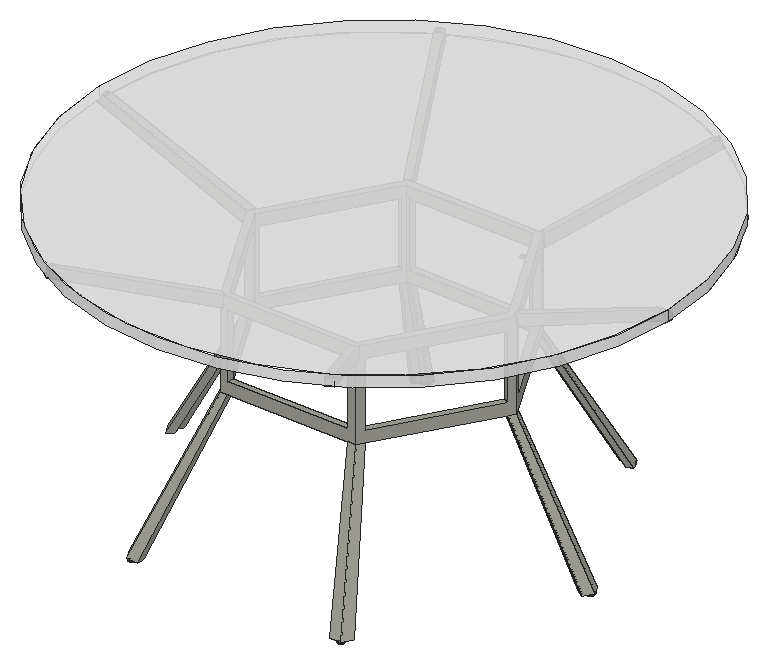
Revit family "Haworth_Janus_Slant_Table_Dining_Round", category Furniture, Revit 2018
Family settings
  OmniClass Number = 23.40.70.14.64.21
  OmniClass Title = Systems Furniture
  Work Plane-Based = No
  Always vertical = Yes
  Cut with Voids When Loaded = No
  Shared = No
  Room Calculation Point = No
Parameters (values of type "HCJC-SL-TDN60-G")
  Warranty = "https://www.haworth.com/resources/product-info/warranties"
  URL - Product = "https://www.haworth.com/products/tables/outdoor/slant"
  Trim Finish [instance] = Haworth _ Paint _ Slant _ Sable
  Top Finish = Haworth _ Glass _ Frosted
  Standard Height = "29.5"  # constant formula
  Standard Depths = "60, 48 in."  # constant formula
  Small = no
  Radius = if(Large, 30", 24")  # 30"
  Model = "HCJC-SL-TDN60-G"
  URL = "http://www.haworth.com/our-brands/haworth-collection"
  Size = "Verify Final Dim. w/ Haworth"  # constant formula
  Revision Number = "2"  # constant formula
  Manufacturer = "Haworth"  # constant formula
  Large = not(Small)  # yes
  Glide Finish = Haworth _ Polymer _ Black
  Description = "Haworth Janus Slant Round Dining Table - Large"
  Author = "Haworth (Abd Rahman)"  # constant formula
  Assembly Code = "E2020200"
  Actual Width = if(Large, 60", 48")  # 60"
  Actual Height = 29 1/2"  # constant formula
  Table Thickness = Actual Height - 3/8"  # 29 1/8"
  Actual Depth = Actual Width  # 60"
Reference planes (in)
  plane 1 "Center F/B": y = -0.15866
  plane 2 "Floor": z = 0
  plane 3 "Center L/R": x = 0
  plane 4 "Table Top Top": z = 29.5
  plane 5: z = 0
  plane 6 "Table Bottom": z = 23.49714
  plane 7: z = 0.25
  plane 8: z = 29.125
  plane 9: z = 28.30437
  plane 10: z = 29.12501
  plane 11: through (0, -18.05717, 29.13386) normal (0, -1, 0.0022)
  plane 12: z = 14.28517
  plane 13: z = 14.68419
  plane 14: z = 15.48673
  plane 15: z = 22.29558
Forms (in)
  Blend 1, solid, material "Haworth _ Paint _ Slant _ Sable" <- "Trim Finish", visible <- "Large"
    base sketch origin (0, 0, 0) x (1, 0, 0) y (0, 1, 0)
      loop
        line (22.54665, -0.55397) -> (21.9659, 0.45193) -> (21.34501, 0.09346) -> (21.71881, -0.55397) -> (21.34501, -1.2014) -> (21.9659, -1.55987) -> (22.54665, -0.55397)
    top sketch origin (0, 0, 0) x (1, 0, 0) y (0, 1, 0)
      loop
        line (13.28253, -0.86841) -> (13.90341, -1.22688) -> (14.29192, -0.55396) -> (13.90341, 0.11895) -> (13.28253, -0.23952) -> (13.46408, -0.55396) -> (13.28253, -0.86841)
    from 0.25 to 14.28517
  Blend 2, solid, material "Haworth _ Paint _ Slant _ Sable" <- "Trim Finish", visible <- "Large"
    base sketch origin (0, 0, 0) x (1, 0, 0) y (0, 1, 0)
      loop
        line (11.29201, -20.04756) -> (11.87277, -19.04166) -> (11.25189, -18.6832) -> (10.87809, -19.33063) -> (10.1305, -19.33063) -> (10.1305, -20.04756) -> (11.29201, -20.04756)
    top sketch origin (0, 0, 0) x (1, 0, 0) y (0, 1, 0)
      loop
        line (6.93227, -11.86737) -> (6.75073, -12.18182) -> (6.38764, -12.18182) -> (6.38764, -12.89875) -> (7.16465, -12.89875) -> (7.55316, -12.22584) -> (6.93227, -11.86737)
    from 0.25 to 14.28517
  Blend 3, solid, material "Haworth _ Paint _ Slant _ Sable" <- "Trim Finish", visible <- "Large"
    base sketch origin (0, 0, 0) x (1, 0, 0) y (0, 1, 0)
      loop
        line (-11.21725, -20.04756) -> (-10.05574, -20.04756) -> (-10.05574, -19.33062) -> (-10.80333, -19.33062) -> (-11.17712, -18.68319) -> (-11.79801, -19.04166) -> (-11.21725, -20.04756)
    top sketch origin (0, 0, 0) x (1, 0, 0) y (0, 1, 0)
      loop
        line (-6.31287, -12.18182) -> (-6.67596, -12.18182) -> (-6.8575, -11.86737) -> (-7.47839, -12.22584) -> (-7.08988, -12.89875) -> (-6.31287, -12.89875) -> (-6.31287, -12.18182)
    from 0.25 to 14.28517
  Blend 4, solid, material "Haworth _ Paint _ Slant _ Sable" <- "Trim Finish", visible <- "Large"
    base sketch origin (0, 0, 0) x (1, 0, 0) y (0, 1, 0)
      loop
        line (-21.89112, 0.45194) -> (-22.47188, -0.55396) -> (-21.89112, -1.55986) -> (-21.27024, -1.20139) -> (-21.64403, -0.55396) -> (-21.27024, 0.09347) -> (-21.89112, 0.45194)
    top sketch origin (0, 0, 0) x (1, 0, 0) y (0, 1, 0)
      loop
        line (-13.3893, -0.55396) -> (-13.20776, -0.23952) -> (-13.82864, 0.11895) -> (-14.21715, -0.55396) -> (-13.82864, -1.22687) -> (-13.20776, -0.86841) -> (-13.3893, -0.55396)
    from 0.25 to 14.28517
  Blend 5, solid, material "Haworth _ Paint _ Slant _ Sable" <- "Trim Finish", visible <- "Large"
    base sketch origin (0, 0, 0) x (1, 0, 0) y (0, 1, 0)
      loop
        line (-10.05573, 18.93964) -> (-11.21724, 18.93963) -> (-11.798, 17.93374) -> (-11.17711, 17.57527) -> (-10.80332, 18.2227) -> (-10.05573, 18.2227) -> (-10.05573, 18.93964)
    top sketch origin (0, 0, 0) x (1, 0, 0) y (0, 1, 0)
      loop
        line (-6.31287, 11.07389) -> (-6.31287, 11.79082) -> (-7.08988, 11.79082) -> (-7.47838, 11.11791) -> (-6.8575, 10.75945) -> (-6.67596, 11.07389) -> (-6.31287, 11.07389)
    from 0.25 to 14.28517
  Blend 6, solid, material "Haworth _ Paint _ Slant _ Sable" <- "Trim Finish", visible <- "Large"
    base sketch origin (0, 0, 0) x (1, 0, 0) y (0, 1, 0)
      loop
        line (11.87278, 17.93373) -> (11.29202, 18.93963) -> (10.13051, 18.93963) -> (10.13051, 18.2227) -> (10.8781, 18.2227) -> (11.2519, 17.57526) -> (11.87278, 17.93373)
    top sketch origin (0, 0, 0) x (1, 0, 0) y (0, 1, 0)
      loop
        line (6.93228, 10.75945) -> (7.55316, 11.11791) -> (7.16465, 11.79082) -> (6.38764, 11.79082) -> (6.38764, 11.07389) -> (6.75073, 11.07389) -> (6.93228, 10.75945)
    from 0.25 to 14.28517
  Blend 7, solid, material "Haworth _ Paint _ Slant _ Sable" <- "Trim Finish", visible <- "Small"
    base sketch origin (0.07812, 0, 0) x (1, 0, 0) y (0, 1, 0)
      loop
        line (16.76158, 8.2919) -> (16.8081, 9.09669) -> (16.10243, 9.48838) -> (15.66598, 8.82988) -> (15.94207, 8.59669) -> (15.97236, 8.22721) -> (16.76158, 8.2919)
    top sketch origin (0.07812, 0, 0) x (1, 0, 0) y (0, 1, 0)
      loop
        line (8.53556, 4.85878) -> (9.00147, 4.58953) -> (9.00125, 4.05141) -> (9.80318, 4.05141) -> (9.80173, 5.05156) -> (8.9363, 5.5529) -> (8.53556, 4.85878)
    from 0.25 to 14.68419
  Blend 8, solid, material "Haworth _ Paint _ Slant _ Sable" <- "Trim Finish", visible <- "Small"
    base sketch origin (0.125, 0, 0) x (1, 0, 0) y (0, 1, 0)
      loop
        line (16.75701, -10.2119) -> (16.74339, -9.40493) -> (15.9549, -9.3562) -> (15.89099, -9.7119) -> (15.583, -9.92505) -> (16.03333, -10.57575) -> (16.75701, -10.2119)
    top sketch origin (0.125, 0, 0) x (1, 0, 0) y (0, 1, 0)
      loop
        line (8.95061, -5.16663) -> (8.95039, -5.70475) -> (8.48426, -5.97362) -> (8.88437, -6.66663) -> (9.75039, -6.16663) -> (9.75039, -5.16663) -> (8.95061, -5.16663)
    from 0.25 to 14.68419
  Blend 9, solid, material "Haworth _ Paint _ Slant _ Sable" <- "Trim Finish", visible <- "Small"
    base sketch origin (0, 0, 0) x (1, 0, 0) y (0, 1, 0)
      loop
        line (0.74214, -19.48124) -> (0.39148, -18.77681) -> (0.03638, -18.90475) -> (-0.3022, -18.7446) -> (-0.64057, -19.45995) -> (0.03638, -19.90475) -> (0.74214, -19.48124)
    top sketch origin (0, 0, 0) x (1, 0, 0) y (0, 1, 0)
      loop
        line (0.03318, -10.84824) -> (-0.43274, -10.57899) -> (-0.83285, -11.272) -> (0.03318, -11.772) -> (0.8992, -11.272) -> (0.49931, -10.57937) -> (0.03318, -10.84824)
    from 0.25 to 14.68419
  Blend 10, solid, material "Haworth _ Paint _ Slant _ Sable" <- "Trim Finish", visible <- "Small"
    base sketch origin (-0.1875, -0.0625, 0) x (1, 0, 0) y (0, 1, 0)
      loop
        line (-15.72202, -9.32075) -> (-16.51208, -9.3855) -> (-16.55825, -10.18431) -> (-15.85258, -10.576) -> (-15.41613, -9.91751) -> (-15.69222, -9.68431) -> (-15.72202, -9.32075)
    top sketch origin (-0.1875, -0.0625, 0) x (1, 0, 0) y (0, 1, 0)
      loop
        line (-9.55482, -5.09684) -> (-9.55622, -6.11973) -> (-8.69926, -6.61496) -> (-8.28891, -5.90421) -> (-8.75483, -5.63496) -> (-8.75461, -5.09684) -> (-9.55482, -5.09684)
    from 0.25 to 14.68419
  Blend 11, solid, material "Haworth _ Paint _ Slant _ Sable" <- "Trim Finish", visible <- "Small"
    base sketch origin (-0.125, 0, 0) x (1, 0, 0) y (0, 1, 0)
      loop
        line (-15.95856, 9.46783) -> (-16.68224, 9.10398) -> (-16.66862, 8.297) -> (-15.88012, 8.24827) -> (-15.81622, 8.60398) -> (-15.50823, 8.81712) -> (-15.95856, 9.46783)
    top sketch origin (-0.125, 0, 0) x (1, 0, 0) y (0, 1, 0)
      loop
        line (-8.81045, 5.56018) -> (-9.67698, 5.0582) -> (-9.67562, 4.0587) -> (-8.87584, 4.0587) -> (-8.87562, 4.59682) -> (-8.40948, 4.86569) -> (-8.81045, 5.56018)
    from 0.25 to 14.68419
  Blend 12, solid, material "Haworth _ Paint _ Slant _ Sable" <- "Trim Finish", visible <- "Small"
    base sketch origin (0, 0, 0) x (1, 0, 0) y (0, 1, 0)
      loop
        line (0.71854, 18.30983) -> (0.04159, 18.75463) -> (-0.65045, 18.33935) -> (-0.29841, 17.63212) -> (0.04159, 17.75463) -> (0.38018, 17.59448) -> (0.71854, 18.30983)
    top sketch origin (0, 0, 0) x (1, 0, 0) y (0, 1, 0)
      loop
        line (0.90847, 10.16556) -> (0.04048, 10.66501) -> (-0.82443, 10.16408) -> (-0.42454, 9.47145) -> (0.04159, 9.74032) -> (0.50751, 9.47107) -> (0.90847, 10.16556)
    from 0.25 to 14.68419
  Extrusion 13, solid, material "Haworth _ Paint _ Slant _ Sable" <- "Trim Finish", visible <- "Large"
    sketch origin (0, 0, 0) x (1, 0, 0) y (0, 1, 0)
      loop
        line (14.29192, -0.55396) -> (7.16465, 11.79082) -> (-7.08988, 11.79082) -> (-14.21715, -0.55396) -> (-7.08988, -12.89875) -> (7.16465, -12.89875) -> (14.29192, -0.55396)
      loop
        line (6.75073, -12.18182) -> (13.46408, -0.55396) -> (6.75073, 11.07389) -> (-6.67596, 11.07389) -> (-13.3893, -0.55396) -> (-6.67596, -12.18182) -> (6.75073, -12.18182)
    from 14.28517 to 15.48673
  Extrusion 14, solid, material "Haworth _ Paint _ Slant _ Sable" <- "Trim Finish", visible <- "Small"
    sketch origin (0, 0, 0) x (1, 0, 0) y (0, 1, 0)
      loop
        line (0.04191, 10.64762) -> (-9.66121, 5.05075) -> (-9.66573, -6.15084) -> (0.03286, -11.75555) -> (9.73598, -6.15867) -> (9.74051, 5.04291) -> (0.04191, 10.64762)
      loop
        line (0.04159, 9.74032) -> (-8.87562, 4.59682) -> (-8.87983, -5.69746) -> (0.03318, -10.84824) -> (8.95039, -5.70475) -> (8.9546, 4.58953) -> (0.04159, 9.74032)
    from 14.68419 to 15.86529
  Extrusion 15, solid, material "Haworth _ Paint _ Slant _ Sable" <- "Trim Finish", visible <- "Large"
    sketch origin (0, 0, 0) x (1, 0, 0) y (0, 1, 0)
      loop
        line (7.55316, -12.22584) -> (6.93227, -11.86737) -> (6.75073, -12.18182) -> (6.38764, -12.18182) -> (6.38764, -12.89875) -> (7.16465, -12.89875) -> (7.55316, -12.22584)
      loop
        line (13.90341, 0.11895) -> (13.28253, -0.23952) -> (13.46408, -0.55396) -> (13.28253, -0.86841) -> (13.90341, -1.22688) -> (14.29192, -0.55396) -> (13.90341, 0.11895)
      loop
        line (7.16465, 11.79082) -> (6.38764, 11.79082) -> (6.38764, 11.07389) -> (6.75073, 11.07389) -> (6.93228, 10.75945) -> (7.55316, 11.11791) -> (7.16465, 11.79082)
      loop
        line (-6.31287, 11.07389) -> (-6.31287, 11.79082) -> (-7.08988, 11.79082) -> (-7.47838, 11.11791) -> (-6.8575, 10.75945) -> (-6.67596, 11.07389) -> (-6.31287, 11.07389)
      loop
        line (-13.20776, -0.23952) -> (-13.82864, 0.11895) -> (-14.21715, -0.55396) -> (-13.82864, -1.22687) -> (-13.20776, -0.86841) -> (-13.3893, -0.55396) -> (-13.20776, -0.23952)
      loop
        line (-6.31287, -12.89875) -> (-6.31287, -12.18182) -> (-6.67596, -12.18182) -> (-6.8575, -11.86737) -> (-7.47839, -12.22584) -> (-7.08988, -12.89875) -> (-6.31287, -12.89875)
    from 14.28517 to 23.49714
  Extrusion 16, solid, material "Haworth _ Paint _ Slant _ Sable" <- "Trim Finish", visible <- "Small"
    sketch origin (0, 0, 0) x (1, 0, 0) y (0, 1, 0)
      loop
        line (9.75039, -5.16663) -> (8.95061, -5.16663) -> (8.95039, -5.70475) -> (8.48426, -5.97362) -> (8.88437, -6.66663) -> (9.75039, -6.16663) -> (9.75039, -5.16663)
      loop
        line (0.8992, -11.272) -> (0.49931, -10.57937) -> (0.03318, -10.84824) -> (-0.43274, -10.57899) -> (-0.83285, -11.272) -> (0.03318, -11.772) -> (0.8992, -11.272)
      loop
        line (-8.87983, -5.69746) -> (-8.87961, -5.15934) -> (-9.67982, -5.15934) -> (-9.68119, -6.16013) -> (-8.8138, -6.65934) -> (-8.41391, -5.96671) -> (-8.87983, -5.69746)
      loop
        line (8.95438, 4.05141) -> (9.75631, 4.05141) -> (9.75485, 5.05156) -> (8.88943, 5.5529) -> (8.48868, 4.85878) -> (8.9546, 4.58953) -> (8.95438, 4.05141)
      loop
        line (0.50751, 9.47107) -> (0.90847, 10.16556) -> (0.04048, 10.66501) -> (-0.82443, 10.16408) -> (-0.42454, 9.47145) -> (0.04159, 9.74032) -> (0.50751, 9.47107)
      loop
        line (-8.40948, 4.86569) -> (-8.81045, 5.56018) -> (-9.67698, 5.0582) -> (-9.67562, 4.0587) -> (-8.87584, 4.0587) -> (-8.87562, 4.59682) -> (-8.40948, 4.86569)
    from 15.86529 to 22.5582
  Extrusion 17, solid, material "Haworth _ Paint _ Slant _ Sable" <- "Trim Finish", visible <- "Small"
    sketch origin (0, 0, 8) x (1, 0, 0) y (0, 1, 0)
      loop
        line (0.04191, 10.64762) -> (-9.66121, 5.05075) -> (-9.66573, -6.15084) -> (0.03286, -11.75555) -> (9.73598, -6.15867) -> (9.74051, 5.04291) -> (0.04191, 10.64762)
      loop
        line (0.04159, 9.74032) -> (-8.87562, 4.59682) -> (-8.87983, -5.69746) -> (0.03318, -10.84824) -> (8.95039, -5.70475) -> (8.9546, 4.58953) -> (0.04159, 9.74032)
    from 14.5582 to 15.7393
  Extrusion 18, solid, material "Haworth _ Paint _ Slant _ Sable" <- "Trim Finish", visible <- "Large"
    sketch origin (0, 0, 8.01042) x (1, 0, 0) y (0, 1, 0)
      loop
        line (14.29192, -0.55396) -> (7.16465, 11.79082) -> (-7.08988, 11.79082) -> (-14.21715, -0.55396) -> (-7.08988, -12.89875) -> (7.16465, -12.89875) -> (14.29192, -0.55396)
      loop
        line (6.75073, -12.18182) -> (13.46408, -0.55396) -> (6.75073, 11.07389) -> (-6.67596, 11.07389) -> (-13.3893, -0.55396) -> (-6.67596, -12.18182) -> (6.75073, -12.18182)
    from 14.28517 to 15.48673
  Extrusion 19, solid, material "Haworth _ Glass _ Frosted" <- "Top Finish"
    sketch origin (0, 0, 0) x (1, 0, 0) y (0, 1, 0)
      loop
        circle (0, -0.15866) r 30
    from 28.30437 to 29.5
  Extrusion 20, solid, material "Haworth _ Paint _ Slant _ Sable" <- "Trim Finish", visible <- "Small"
    sketch origin (0, 0, 0) x (0, 1, 0) y (0, 0, 1)
      loop
        line (23.44117, 28.32001) -> (22.44107, 28.32001) -> (22.44107, 29.02001) -> (22.23711, 29.02001) -> (10.45046, 23.7393) -> (10.46785, 22.5582) -> (23.44117, 28.32001)
    from -0.29991 to 0.38309
  Extrusion 21, solid, material "Haworth _ Paint _ Slant _ Sable" <- "Trim Finish", visible <- "Small"
    sketch origin (0, -0.31732, 0) x (0, -1, 0) y (0, 0, -1)
      loop
        line (23.44117, -28.32001) -> (10.46785, -22.5582) -> (10.45046, -23.7393) -> (22.23711, -29.02001) -> (22.44107, -29.02001) -> (22.44107, -28.32001) -> (23.44117, -28.32001)
    from -0.29991 to 0.38309
  Extrusion 22, solid, material "Haworth _ Paint _ Slant _ Sable" <- "Trim Finish", visible <- "Small"
    sketch origin (-0.2061, -0.11899, 0) x (-0.866025, -0.5, 0) y (0, 0, -1)
      loop
        line (23.44117, -28.32001) -> (10.46785, -22.5582) -> (10.45046, -23.7393) -> (22.23711, -29.02001) -> (22.44107, -29.02001) -> (22.44107, -28.32001) -> (23.44117, -28.32001)
    from 0.15273 to 0.83573
  Extrusion 23, solid, material "Haworth _ Paint _ Slant _ Sable" <- "Trim Finish", visible <- "Small"
    sketch origin (-0.0687, 0.03966, 0) x (-0.866025, 0.5, 0) y (0, 0, -1)
      loop
        line (23.44117, -28.32001) -> (10.46785, -22.5582) -> (10.45046, -23.7393) -> (22.23711, -29.02001) -> (22.44107, -29.02001) -> (22.44107, -28.32001) -> (23.44117, -28.32001)
    from 0.11535 to 0.79835
  Extrusion 24, solid, material "Haworth _ Paint _ Slant _ Sable" <- "Trim Finish", visible <- "Small"
    sketch origin (0.0687, 0.03966, 0) x (0.866025, 0.5, 0) y (0, 0, -1)
      loop
        line (23.44117, -28.32001) -> (10.46785, -22.5582) -> (10.45046, -23.7393) -> (22.23711, -29.02001) -> (22.44107, -29.02001) -> (22.44107, -28.32001) -> (23.44117, -28.32001)
    from -0.84415 to -0.16115
  Extrusion 25, solid, material "Haworth _ Paint _ Slant _ Sable" <- "Trim Finish", visible <- "Small"
    sketch origin (0.2061, -0.11899, 0) x (0.866025, -0.5, 0) y (0, 0, -1)
      loop
        line (23.44117, -28.32001) -> (10.46785, -22.5582) -> (10.45046, -23.7393) -> (22.23711, -29.02001) -> (22.44107, -29.02001) -> (22.44107, -28.32001) -> (23.44117, -28.32001)
    from -0.80676 to -0.12376
  Extrusion 26, solid, material "Haworth _ Paint _ Slant _ Sable" <- "Trim Finish", visible <- "Large"
    sketch origin (0, -0.15866, 0) x (1, 0, 0) y (0, 0, 1)
      loop
        line (-14.02329, 23.42301) -> (-29.01773, 29.03746) -> (-29.50387, 29.03746) -> (-29.50387, 28.30437) -> (-29.99761, 28.30437) -> (-14.02329, 21.97708) -> (-14.02329, 23.42301)
    from -0.40052 to 0.40052
  Extrusion 27, solid, material "Haworth _ Paint _ Slant _ Sable" <- "Trim Finish", visible <- "Large"
    sketch origin (0.0714, -0.11903, 0) x (0.485323, -0.874335, 0) y (0, 0, 1)
      loop
        line (-14.02329, 23.42301) -> (-29.01773, 29.03746) -> (-29.69484, 29.03746) -> (-29.69484, 28.30437) -> (-29.9598, 28.30437) -> (-14.02329, 22.13998) -> (-14.02329, 23.42301)
    from 0.06252 to 0.8561
  Extrusion 28, solid, material "Haworth _ Paint _ Slant _ Sable" <- "Trim Finish", visible <- "Large"
    sketch origin (0.9221, -0.6739, 0) x (-0.497562, -0.867429, 0) y (0, 0, 1)
      loop
        line (-14.02329, 23.42301) -> (-29.01773, 29.03746) -> (-29.69484, 29.03746) -> (-29.69484, 28.30437) -> (-29.94484, 28.30437) -> (-14.02329, 22.13998) -> (-14.02329, 23.42301)
    from 0.56198 to 1.3861
  Extrusion 29, solid, material "Haworth _ Paint _ Slant _ Sable" <- "Trim Finish", visible <- "Large"
    sketch origin (-0.04449, -0.14015, 0) x (-0.999998, -0.001761, 0) y (0, 0, 1)
      loop
        line (-14.02329, 23.60727) -> (-28.52562, 29.03746) -> (-29.95409, 29.03746) -> (-29.95409, 28.30437) -> (-29.40676, 28.30437) -> (-14.02329, 22.36859) -> (-14.02329, 23.60727)
    from -0.40052 to 0.40052
  Extrusion 30, solid, material "Haworth _ Paint _ Slant _ Sable" <- "Trim Finish", visible <- "Large"
    sketch origin (-0.46255, -0.52272, 0) x (-0.517049, 0.855956, 0) y (0, 0, 1)
      loop
        line (-14.02329, 23.42301) -> (-29.01773, 29.03746) -> (-29.69484, 29.03746) -> (-29.69484, 28.30437) -> (-29.84178, 28.30437) -> (-14.02329, 22.13998) -> (-14.02329, 23.42301)
    from -0.40052 to 0.40052
  Extrusion 31, solid, material "Haworth _ Paint _ Slant _ Sable" <- "Trim Finish", visible <- "Large"
    sketch origin (0.13177, -0.26936, 0) x (0.504657, 0.86332, 0) y (0, 0, 1)
      loop
        line (-14.02329, 23.42301) -> (-29.01773, 29.03746) -> (-29.69484, 29.03746) -> (-29.69484, 28.30437) -> (-29.94484, 28.30437) -> (-14.02329, 22.13998) -> (-14.02329, 23.42301)
    from -0.40052 to 0.40052
  Revolve 32, solid, visible <- "Large"
    sketch origin (-40.32188, -0.15866, 29.13746) x (1, 0, 0) y (0, 0, 1)
      loop
        line (11.04762, 0) -> (10.89265, 0)
        arc (10.89265, 0) -> (10.86054, -0.01636) -> (10.84763, -0.05) r 0.05027
        line (10.84763, -0.05) -> (10.84763, -0.1) -> (11.04762, -0.1) -> (11.04762, 0)
      axis (11.04762, 0) -> (11.04762, -0.1)
    angle from 0 to 360
  Revolve 33, solid, visible <- "Large"
    sketch origin (3.51649, -0.15866, 29.13746) x (1, 0, 0) y (0, 0, 1)
      loop
        line (11.04762, 0) -> (10.89265, 0)
        arc (10.89265, 0) -> (10.86054, -0.01636) -> (10.84763, -0.05) r 0.05027
        line (10.84763, -0.05) -> (10.84763, -0.1) -> (11.04762, -0.1) -> (11.04762, 0)
      axis (11.04762, 0) -> (11.04762, -0.1)
    angle from 0 to 360
  Revolve 34, solid, visible <- "Large"
    sketch origin (17.98054, -0.15866, 29.13746) x (1, 0, 0) y (0, 0, 1)
      loop
        line (11.04762, 0) -> (10.89265, 0)
        arc (10.89265, 0) -> (10.86054, -0.01636) -> (10.84763, -0.05) r 0.05027
        line (10.84763, -0.05) -> (10.84763, -0.1) -> (11.04762, -0.1) -> (11.04762, 0)
      axis (11.04762, 0) -> (11.04762, -0.1)
    angle from 0 to 360
  Revolve 35, solid, visible <- "Large"
    sketch origin (-25.83487, -25.65622, 29.13746) x (1, 0, 0) y (0, 0, 1)
      loop
        line (11.04762, 0) -> (10.89265, 0)
        arc (10.89265, 0) -> (10.86054, -0.01636) -> (10.84763, -0.05) r 0.05027
        line (10.84763, -0.05) -> (10.84763, -0.1) -> (11.04762, -0.1) -> (11.04762, 0)
      axis (11.04762, 0) -> (11.04762, -0.1)
    angle from 0 to 360
  Revolve 36, solid, visible <- "Large"
    sketch origin (3.66513, -25.65622, 29.13746) x (1, 0, 0) y (0, 0, 1)
      loop
        line (11.04762, 0) -> (10.89265, 0)
        arc (10.89265, 0) -> (10.86054, -0.01636) -> (10.84763, -0.05) r 0.05027
        line (10.84763, -0.05) -> (10.84763, -0.1) -> (11.04762, -0.1) -> (11.04762, 0)
      axis (11.04762, 0) -> (11.04762, -0.1)
    angle from 0 to 360
  Revolve 37, solid, visible <- "Large"
    sketch origin (3.66513, 25.34378, 29.13746) x (1, 0, 0) y (0, 0, 1)
      loop
        line (11.04762, 0) -> (10.89265, 0)
        arc (10.89265, 0) -> (10.86054, -0.01636) -> (10.84763, -0.05) r 0.05027
        line (10.84763, -0.05) -> (10.84763, -0.1) -> (11.04762, -0.1) -> (11.04762, 0)
      axis (11.04762, 0) -> (11.04762, -0.1)
    angle from 0 to 360
  Revolve 38, solid, visible <- "Large"
    sketch origin (-25.71846, 25.34378, 29.13746) x (1, 0, 0) y (0, 0, 1)
      loop
        line (11.04762, 0) -> (10.89265, 0)
        arc (10.89265, 0) -> (10.86054, -0.01636) -> (10.84763, -0.05) r 0.05027
        line (10.84763, -0.05) -> (10.84763, -0.1) -> (11.04762, -0.1) -> (11.04762, 0)
      axis (11.04762, 0) -> (11.04762, -0.1)
    angle from 0 to 360
  Revolve 39, solid, material "Haworth _ Polymer _ Black" <- "Glide Finish", visible <- "Large"
    sketch origin (0.02112, -19.66451, 0.24948) x (1, 0, 0) y (0, 0, 1)
      loop
        line (11.04762, 0) -> (10.67268, 0) -> (10.67284, -0.15)
        arc (10.67284, -0.15) -> (10.70812, -0.22123) -> (10.78222, -0.25) r 0.10982
        line (10.78222, -0.25) -> (11.04762, -0.25) -> (11.04762, 0)
      axis (11.04762, 0) -> (11.04762, -0.25)
    angle from 0 to 360
  Revolve 40, solid, material "Haworth _ Polymer _ Black" <- "Glide Finish", visible <- "Large"
    sketch origin (0.02101, 18.55335, 0.24948) x (1, 0, 0) y (0, 0, 1)
      loop
        line (11.04762, 0) -> (10.67268, 0) -> (10.67284, -0.15)
        arc (10.67284, -0.15) -> (10.70812, -0.22123) -> (10.78222, -0.25) r 0.10982
        line (10.78222, -0.25) -> (11.04762, -0.25) -> (11.04762, 0)
      axis (11.04762, 0) -> (11.04762, -0.25)
    angle from 0 to 360
  Revolve 41, solid, material "Haworth _ Polymer _ Black" <- "Glide Finish", visible <- "Large"
    sketch origin (11.05469, -0.55594, 0.25) x (1, 0, 0) y (0, 0, 1)
      loop
        line (11.04762, 0) -> (10.67268, 0) -> (10.67284, -0.15)
        arc (10.67284, -0.15) -> (10.70812, -0.22123) -> (10.78222, -0.25) r 0.10982
        line (10.78222, -0.25) -> (11.04762, -0.25) -> (11.04762, 0)
      axis (11.04762, 0) -> (11.04762, -0.25)
    angle from 0 to 360
  Revolve 42, solid, material "Haworth _ Polymer _ Black" <- "Glide Finish", visible <- "Large"
    sketch origin (-22.03479, 18.56009, 0.24948) x (1, 0, 0) y (0, 0, 1)
      loop
        line (11.04762, 0) -> (10.67268, 0) -> (10.67284, -0.15)
        arc (10.67284, -0.15) -> (10.70812, -0.22123) -> (10.78222, -0.25) r 0.10982
        line (10.78222, -0.25) -> (11.04762, -0.25) -> (11.04762, 0)
      axis (11.04762, 0) -> (11.04762, -0.25)
    angle from 0 to 360
  Revolve 43, solid, material "Haworth _ Polymer _ Black" <- "Glide Finish", visible <- "Large"
    sketch origin (-33.07332, -0.54962, 0.24948) x (1, 0, 0) y (0, 0, 1)
      loop
        line (11.04762, 0) -> (10.67268, 0) -> (10.67284, -0.15)
        arc (10.67284, -0.15) -> (10.70812, -0.22123) -> (10.78222, -0.25) r 0.10982
        line (10.78222, -0.25) -> (11.04762, -0.25) -> (11.04762, 0)
      axis (11.04762, 0) -> (11.04762, -0.25)
    angle from 0 to 360
  Revolve 44, solid, material "Haworth _ Polymer _ Black" <- "Glide Finish", visible <- "Large"
    sketch origin (-22.04309, -19.67002, 0.24948) x (1, 0, 0) y (0, 0, 1)
      loop
        line (11.04762, 0) -> (10.67268, 0) -> (10.67284, -0.15)
        arc (10.67284, -0.15) -> (10.70812, -0.22123) -> (10.78222, -0.25) r 0.10982
        line (10.78222, -0.25) -> (11.04762, -0.25) -> (11.04762, 0)
      axis (11.04762, 0) -> (11.04762, -0.25)
    angle from 0 to 360
Cuts and joins
  joined: Blend 1, Blend 2, Blend 3, Blend 4, Blend 5, Blend 6, Extrusion 13, Extrusion 15, Extrusion 18, Extrusion 26
  joined: Blend 7, Blend 8, Blend 9, Blend 10, Blend 11, Blend 12, Extrusion 14, Extrusion 16, Extrusion 17, Extrusion 21, Extrusion 22, Extrusion 23, Extrusion 24, Extrusion 25
Lines and regions (in)
  Masking region 1
    outline origin (0, 0, 0) x (1, 0, 0) y (0, 1, 0)
      loop
        circle (0, -0.15866) r 30
Dimensions and locks (in)
  "Actual Height": plane 5 to plane 4 "Table Top Top"
  "Actual Height": plane 4 "Table Top Top" to plane 5
  "Radius": radius of Extrusion 19 sketch curve
  "Radius": radius of Masking region 1 sketch curve
  aligned and locked: plane 12 to Blend 2
  aligned and locked: plane 12 to Blend 3
  aligned and locked: plane 12 to Blend 4
  aligned and locked: plane 12 to Blend 5
  aligned and locked: plane 12 to Blend 6
  aligned and locked: plane 13 to Blend 8
  aligned and locked: plane 13 to Blend 9
  aligned and locked: plane 13 to Blend 10
  aligned and locked: plane 13 to Blend 11
  aligned and locked: plane 13 to Blend 12
  aligned and locked: Extrusion 13 to plane 12
  aligned and locked: Extrusion 14 to plane 13
  aligned and locked: plane 14 to Extrusion 13
  aligned and locked: plane 6 "Table Bottom" to Extrusion 15
  aligned and locked: Extrusion 15 to plane 12
  aligned and locked: Extrusion 16 to Extrusion 14
  aligned and locked: Extrusion 19 to plane 4 "Table Top Top"  (x2)
  aligned and locked: plane 9 to Extrusion 19
  aligned and locked: cut or joined group of Blend 1, Blend 2, Blend 3, Blend 4, Blend 5, Blend 6, Extrusion 13, Extrusion 15, Extrusion 18, Extrusion 26 to plane 7  (x6)
  aligned and locked: cut or joined group of Blend 7, Blend 8, Blend 9, Blend 10, Blend 11, Blend 12, Extrusion 14, Extrusion 16, Extrusion 17, Extrusion 21, Extrusion 22, Extrusion 23, Extrusion 24, Extrusion 25 to plane 7  (x6)
Automatic sketch dimensions
  plane 1 "Center F/B" to Blend 1 sketch curve = 1.04274"
  Blend 1 sketch curve to plane 1 "Center F/B" = 0.25212"
  Blend 1 sketch curve to Blend 1 sketch curve = 0"  (x2)
  plane 1 "Center F/B" to Blend 1 sketch curve = 0.39531"  (x4)
  Blend 1 sketch curve to Blend 1 sketch curve = 0.37379"
  Blend 1 sketch curve to plane 1 "Center F/B" = 0.61059"
  Blend 1 sketch curve to Blend 1 sketch curve = 0.62088"  (x4)
  plane 1 "Center F/B" to Blend 1 sketch curve = 1.40121"
  Blend 1 sketch curve to Blend 1 sketch curve = 0.82784"
  plane 1 "Center F/B" to Blend 1 sketch curve = 0.08086"
  plane 3 "Center L/R" to Blend 1 sketch curve = 13.28253"
  plane 1 "Center F/B" to Blend 1 sketch curve = 0.70975"
  Blend 1 sketch curve to Blend 1 sketch curve = 0.18154"
  plane 1 "Center F/B" to Blend 1 sketch curve = 1.06822"
  Blend 1 sketch curve to plane 1 "Center F/B" = 0.2776"
  Blend 1 sketch curve to Blend 1 sketch curve = 0.38851"
  plane 3 "Center L/R" to Blend 2 sketch curve = 10.1305"
  Blend 2 sketch curve to Blend 2 sketch curve = 0"  (x5)
  Blend 2 sketch curve to Blend 2 sketch curve = 0.74759"
  Blend 2 sketch curve to Blend 2 sketch curve = 0.37379"
  Blend 2 sketch curve to Blend 2 sketch curve = 0.41392"
  Blend 2 sketch curve to Blend 2 sketch curve = 0.62088"  (x2)
  Blend 2 sketch curve to Blend 2 sketch curve = 0.71693"
  Blend 2 sketch curve to Blend 2 sketch curve = 0.28896"
  Blend 2 sketch curve to Blend 2 sketch curve = 0.35847"
  plane 3 "Center L/R" to Blend 2 sketch curve = 6.38764"
  Blend 2 sketch curve to Blend 2 sketch curve = 0.36309"
  Blend 2 sketch curve to Blend 2 sketch curve = 0.18154"
  Blend 2 sketch curve to Blend 2 sketch curve = 0.77701"
  plane 1 "Center F/B" to Blend 2 sketch curve = 12.74009"
  Blend 2 sketch curve to Blend 2 sketch curve = 0.67291"
  Blend 2 sketch curve to Blend 2 sketch curve = 0.04402"
  Blend 2 sketch curve to Blend 2 sketch curve = 0.31444"
  Blend 3 sketch curve to plane 3 "Center L/R" = 11.79801"
  Blend 3 sketch curve to Blend 3 sketch curve = 0.58076"
  Blend 3 sketch curve to Blend 3 sketch curve = 0.62088"  (x2)
  Blend 3 sketch curve to Blend 3 sketch curve = 0.37379"
  Blend 3 sketch curve to Blend 3 sketch curve = 0.74759"
  Blend 3 sketch curve to Blend 3 sketch curve = 0"  (x3)
  Blend 3 sketch curve to Blend 3 sketch curve = 0.71693"  (x2)
  Blend 3 sketch curve to Blend 3 sketch curve = 0.28896"
  Blend 3 sketch curve to Blend 3 sketch curve = 0.35847"
  Blend 3 sketch curve to plane 3 "Center L/R" = 7.47839"
  Blend 3 sketch curve to Blend 3 sketch curve = 0.38851"
  Blend 3 sketch curve to Blend 3 sketch curve = 0.18154"
  Blend 3 sketch curve to Blend 3 sketch curve = 0.77701"
  Blend 3 sketch curve to Blend 3 sketch curve = 0.36309"
  plane 1 "Center F/B" to Blend 3 sketch curve = 12.74009"
  Blend 3 sketch curve to Blend 3 sketch curve = 0.67291"
  Blend 3 sketch curve to Blend 3 sketch curve = 0.31444"
  plane 1 "Center F/B" to Blend 4 sketch curve = 0.3953"  (x4)
  Blend 4 sketch curve to plane 1 "Center F/B" = 0.6106"
  Blend 4 sketch curve to Blend 4 sketch curve = 0.58075"  (x2)
  plane 1 "Center F/B" to Blend 4 sketch curve = 1.4012"
  Blend 4 sketch curve to Blend 4 sketch curve = 0.82784"
  plane 1 "Center F/B" to Blend 4 sketch curve = 1.04273"
  Blend 4 sketch curve to Blend 4 sketch curve = 0.62088"  (x2)
  Blend 4 sketch curve to plane 1 "Center F/B" = 0.25213"
  Blend 4 sketch curve to plane 3 "Center L/R" = 14.21715"
  plane 1 "Center F/B" to Blend 4 sketch curve = 1.06821"
  Blend 4 sketch curve to Blend 4 sketch curve = 0.3885"
  Blend 4 sketch curve to plane 1 "Center F/B" = 0.27761"
  Blend 4 sketch curve to Blend 4 sketch curve = 0.38851"
  Blend 4 sketch curve to Blend 4 sketch curve = 0.43934"
  plane 1 "Center F/B" to Blend 4 sketch curve = 0.08086"
  Blend 4 sketch curve to Blend 4 sketch curve = 0.18154"  (x2)
  plane 1 "Center F/B" to Blend 4 sketch curve = 0.70975"
  Blend 5 sketch curve to plane 3 "Center L/R" = 11.798"
  Blend 5 sketch curve to Blend 5 sketch curve = 0.58076"
  Blend 5 sketch curve to Blend 5 sketch curve = 0.62088"  (x2)
  Blend 5 sketch curve to Blend 5 sketch curve = 0.37379"
  Blend 5 sketch curve to Blend 5 sketch curve = 0.74759"
  Blend 5 sketch curve to Blend 5 sketch curve = 0"  (x4)
  Blend 5 sketch curve to Blend 5 sketch curve = 0.35847"  (x2)
  Blend 5 sketch curve to Blend 5 sketch curve = 0.64743"
  Blend 5 sketch curve to Blend 5 sketch curve = 0.71693"  (x3)
  Blend 5 sketch curve to plane 3 "Center L/R" = 7.47838"
  Blend 5 sketch curve to Blend 5 sketch curve = 0.38851"
  Blend 5 sketch curve to Blend 5 sketch curve = 0.18154"
  Blend 5 sketch curve to Blend 5 sketch curve = 0.36309"
  Blend 5 sketch curve to plane 1 "Center F/B" = 10.91811"
  Blend 5 sketch curve to Blend 5 sketch curve = 0.31444"
  plane 3 "Center L/R" to Blend 6 sketch curve = 10.13051"
  Blend 6 sketch curve to Blend 6 sketch curve = 0"  (x3)
  Blend 6 sketch curve to Blend 6 sketch curve = 0.74759"
  Blend 6 sketch curve to Blend 6 sketch curve = 0.37379"
  Blend 6 sketch curve to Blend 6 sketch curve = 0.41392"
  Blend 6 sketch curve to Blend 6 sketch curve = 0.62088"  (x2)
  Blend 6 sketch curve to Blend 6 sketch curve = 0.35847"  (x2)
  Blend 6 sketch curve to Blend 6 sketch curve = 0.64743"
  Blend 6 sketch curve to Blend 6 sketch curve = 0.71693"  (x2)
  plane 3 "Center L/R" to Blend 6 sketch curve = 6.38764"
  Blend 6 sketch curve to Blend 6 sketch curve = 0.36309"
  Blend 6 sketch curve to Blend 6 sketch curve = 0.18154"
  Blend 6 sketch curve to Blend 6 sketch curve = 0.77701"
  Blend 6 sketch curve to plane 1 "Center F/B" = 10.91811"
  Blend 6 sketch curve to Blend 6 sketch curve = 0.31444"
  Blend 6 sketch curve to Blend 6 sketch curve = 0.67291"
  Blend 7 sketch curve to Blend 7 sketch curve = 0.27609"
  Blend 7 sketch curve to Blend 7 sketch curve = 0.03028"
  Blend 7 sketch curve to Blend 7 sketch curve = 0.43645"
  Blend 7 sketch curve to Blend 7 sketch curve = 0.78923"
  Blend 7 sketch curve to Blend 7 sketch curve = 0.04651"
  Blend 7 sketch curve to plane 1 "Center F/B" = 8.38587"
  Blend 7 sketch curve to Blend 7 sketch curve = 0.06469"
  Blend 7 sketch curve to Blend 7 sketch curve = 0.36948"
  Blend 7 sketch curve to Blend 7 sketch curve = 0.2332"
  Blend 7 sketch curve to Blend 7 sketch curve = 0.80479"
  Blend 7 sketch curve to Blend 7 sketch curve = 0.65849"
  plane 3 "Center L/R" to Blend 7 sketch curve = 8.61368"
  Blend 7 sketch curve to Blend 7 sketch curve = 0.40075"
  Blend 7 sketch curve to plane 1 "Center F/B" = 4.21007"  (x2)
  Blend 7 sketch curve to Blend 7 sketch curve = 0.4657"
  Blend 7 sketch curve to Blend 7 sketch curve = 0.00022"
  Blend 7 sketch curve to Blend 7 sketch curve = 0.80025"
  Blend 7 sketch curve to Blend 7 sketch curve = 0.80193"
  Blend 7 sketch curve to Blend 7 sketch curve = 0.53812"
  Blend 7 sketch curve to Blend 7 sketch curve = 0.26925"
  Blend 7 sketch curve to Blend 7 sketch curve = 0.46202"
  Blend 7 sketch curve to Blend 7 sketch curve = 0.69411"
  Blend 8 sketch curve to Blend 8 sketch curve = 0.30798"
  Blend 8 sketch curve to Blend 8 sketch curve = 0.06391"
  Blend 8 sketch curve to Blend 8 sketch curve = 0.45033"
  Blend 8 sketch curve to Blend 8 sketch curve = 0.7885"
  Blend 8 sketch curve to Blend 8 sketch curve = 0.01362"
  plane 1 "Center F/B" to Blend 8 sketch curve = 10.4171"
  Blend 8 sketch curve to Blend 8 sketch curve = 0.36385"
  Blend 8 sketch curve to Blend 8 sketch curve = 0.65071"
  Blend 8 sketch curve to Blend 8 sketch curve = 0.21315"
  Blend 8 sketch curve to Blend 8 sketch curve = 0.80697"
  Blend 8 sketch curve to Blend 8 sketch curve = 0.3557"
  plane 3 "Center L/R" to Blend 8 sketch curve = 8.60926"
  Blend 8 sketch curve to Blend 8 sketch curve = 0.40011"
  Blend 8 sketch curve to Blend 8 sketch curve = 0.46614"
  Blend 8 sketch curve to Blend 8 sketch curve = 0.00022"
  Blend 8 sketch curve to Blend 8 sketch curve = 0.8"
  Blend 8 sketch curve to Blend 8 sketch curve = 0.79978"
  plane 1 "Center F/B" to Blend 8 sketch curve = 6.50797"
  Blend 8 sketch curve to Blend 8 sketch curve = 1/2"
  Blend 8 sketch curve to Blend 8 sketch curve = 0.69301"
  Blend 8 sketch curve to Blend 8 sketch curve = 0.26887"
  Blend 8 sketch curve to Blend 8 sketch curve = 0.53812"
  Blend 9 sketch curve to plane 3 "Center L/R" = 0.64057"
  Blend 9 sketch curve to plane 3 "Center L/R" = 0.3022"
  plane 3 "Center L/R" to Blend 9 sketch curve = 0.03638"  (x2)
  Blend 9 sketch curve to Blend 9 sketch curve = 0.3551"
  plane 3 "Center L/R" to Blend 9 sketch curve = 0.74214"
  Blend 9 sketch curve to Blend 9 sketch curve = 0.42351"
  Blend 9 sketch curve to Blend 9 sketch curve = 0.4448"
  Blend 9 sketch curve to Blend 9 sketch curve = 0.5552"
  Blend 9 sketch curve to Blend 9 sketch curve = 0.12794"
  Blend 9 sketch curve to Blend 9 sketch curve = 41/256"
  Blend 9 sketch curve to plane 3 "Center L/R" = 0.83285"
  Blend 9 sketch curve to plane 3 "Center L/R" = 0.43274"
  plane 3 "Center L/R" to Blend 9 sketch curve = 0.03318"  (x2)
  plane 3 "Center L/R" to Blend 9 sketch curve = 0.49931"
  Blend 9 sketch curve to Blend 9 sketch curve = 0.39989"
  plane 1 "Center F/B" to Blend 9 sketch curve = 11.61334"
  Blend 9 sketch curve to Blend 9 sketch curve = 1/2"  (x2)
  Blend 9 sketch curve to Blend 9 sketch curve = 0.92376"
  Blend 9 sketch curve to Blend 9 sketch curve = 0.26887"
  Blend 9 sketch curve to Blend 9 sketch curve = 0.26925"
  Blend 10 sketch curve to Blend 10 sketch curve = 0.04616"
  Blend 10 sketch curve to Blend 10 sketch curve = 0.70567"
  Blend 10 sketch curve to Blend 10 sketch curve = 0.79006"
  Blend 10 sketch curve to Blend 10 sketch curve = 0.0298"
  Blend 10 sketch curve to Blend 10 sketch curve = 0.27609"
  plane 1 "Center F/B" to Blend 10 sketch curve = 10.47984"
  Blend 10 sketch curve to Blend 10 sketch curve = 0.39169"
  Blend 10 sketch curve to Blend 10 sketch curve = 0.65849"
  Blend 10 sketch curve to Blend 10 sketch curve = 0.2332"
  Blend 10 sketch curve to Blend 10 sketch curve = 0.79881"
  Blend 10 sketch curve to Blend 10 sketch curve = 0.36357"
  Blend 10 sketch curve to plane 3 "Center L/R" = 9.74372"
  Blend 10 sketch curve to Blend 10 sketch curve = 0.0014"
  Blend 10 sketch curve to Blend 10 sketch curve = 0.8014"
  Blend 10 sketch curve to Blend 10 sketch curve = 0.00022"
  Blend 10 sketch curve to Blend 10 sketch curve = 0.05556"
  Blend 10 sketch curve to Blend 10 sketch curve = 0.46592"
  plane 1 "Center F/B" to Blend 10 sketch curve = 6.5188"
  Blend 10 sketch curve to Blend 10 sketch curve = 0.49523"
  Blend 10 sketch curve to Blend 10 sketch curve = 0.71075"
  Blend 10 sketch curve to Blend 10 sketch curve = 0.26925"
  Blend 10 sketch curve to Blend 10 sketch curve = 0.53812"
  Blend 10 sketch curve to Blend 10 sketch curve = 0"
  Blend 11 sketch curve to Blend 11 sketch curve = 0.01362"
  Blend 11 sketch curve to Blend 11 sketch curve = 0.72368"
  Blend 11 sketch curve to Blend 11 sketch curve = 0.7885"
  Blend 11 sketch curve to Blend 11 sketch curve = 0.06391"
  Blend 11 sketch curve to Blend 11 sketch curve = 0.30798"
  Blend 11 sketch curve to plane 1 "Center F/B" = 8.40693"
  Blend 11 sketch curve to Blend 11 sketch curve = 0.04873"
  Blend 11 sketch curve to Blend 11 sketch curve = 0.3557"
  Blend 11 sketch curve to Blend 11 sketch curve = 0.21315"
  Blend 11 sketch curve to Blend 11 sketch curve = 0.80697"
  Blend 11 sketch curve to Blend 11 sketch curve = 0.65071"
  Blend 11 sketch curve to plane 3 "Center L/R" = 9.80198"
  Blend 11 sketch curve to Blend 11 sketch curve = 0.00137"
  Blend 11 sketch curve to plane 1 "Center F/B" = 4.21736"
  Blend 11 sketch curve to Blend 11 sketch curve = 0.79978"
  Blend 11 sketch curve to Blend 11 sketch curve = 0.00022"
  Blend 11 sketch curve to Blend 11 sketch curve = 0.06517"
  Blend 11 sketch curve to Blend 11 sketch curve = 0.46614"
  Blend 11 sketch curve to Blend 11 sketch curve = 0.53812"
  Blend 11 sketch curve to Blend 11 sketch curve = 0.26887"
  Blend 11 sketch curve to Blend 11 sketch curve = 0.46138"
  Blend 11 sketch curve to Blend 11 sketch curve = 0.69449"
  Blend 12 sketch curve to plane 3 "Center L/R" = 0.65045"
  Blend 12 sketch curve to plane 3 "Center L/R" = 0.29841"
  plane 3 "Center L/R" to Blend 12 sketch curve = 0.04159"  (x3)
  Blend 12 sketch curve to Blend 12 sketch curve = 0.33858"
  plane 3 "Center L/R" to Blend 12 sketch curve = 0.71854"
  Blend 12 sketch curve to Blend 12 sketch curve = 0.03765"
  Blend 12 sketch curve to Blend 12 sketch curve = 0.1225"
  Blend 12 sketch curve to Blend 12 sketch curve = 0.71535"
  Blend 12 sketch curve to Blend 12 sketch curve = 0.70722"
  Blend 12 sketch curve to Blend 12 sketch curve = 0.41528"
  Blend 12 sketch curve to plane 3 "Center L/R" = 0.82443"
  Blend 12 sketch curve to plane 3 "Center L/R" = 0.42454"
  plane 3 "Center L/R" to Blend 12 sketch curve = 0.04048"
  plane 3 "Center L/R" to Blend 12 sketch curve = 0.50751"
  Blend 12 sketch curve to Blend 12 sketch curve = 0.40096"
  Blend 12 sketch curve to plane 1 "Center F/B" = 9.62973"
  Blend 12 sketch curve to Blend 12 sketch curve = 0.00038"
  Blend 12 sketch curve to Blend 12 sketch curve = 0.26887"
  Blend 12 sketch curve to Blend 12 sketch curve = 0.69263"
  Blend 12 sketch curve to Blend 12 sketch curve = 0.69449"
  Blend 12 sketch curve to Blend 12 sketch curve = 0.9247"
  plane 1 "Center F/B" to Extrusion 13 sketch curve = 0.3953"  (x2)
  Extrusion 13 sketch curve to plane 3 "Center L/R" = 14.21715"
  Extrusion 13 sketch curve to Extrusion 13 sketch curve = 0.82784"  (x2)
  Extrusion 13 sketch curve to plane 3 "Center L/R" = 7.08988"  (x2)
  Extrusion 13 sketch curve to Extrusion 13 sketch curve = 0.41392"  (x4)
  plane 3 "Center L/R" to Extrusion 13 sketch curve = 6.75073"  (x2)
  plane 1 "Center F/B" to Extrusion 13 sketch curve = 0.39531"  (x2)
  Extrusion 13 sketch curve to Extrusion 13 sketch curve = 6.71335"
  plane 1 "Center F/B" to Extrusion 13 sketch curve = 12.02316"  (x2)
  Extrusion 13 sketch curve to Extrusion 13 sketch curve = 0.71693"  (x4)
  Extrusion 13 sketch curve to plane 1 "Center F/B" = 11.23255"  (x2)
  Extrusion 14 sketch curve to plane 3 "Center L/R" = 9.66573"
  Extrusion 14 sketch curve to plane 3 "Center L/R" = 9.66121"
  Extrusion 14 sketch curve to Extrusion 14 sketch curve = 0.78591"  (x2)
  Extrusion 14 sketch curve to Extrusion 14 sketch curve = 0.78559"  (x2)
  plane 3 "Center L/R" to Extrusion 14 sketch curve = 0.03286"
  plane 3 "Center L/R" to Extrusion 14 sketch curve = 0.03318"
  plane 3 "Center L/R" to Extrusion 14 sketch curve = 0.04159"
  plane 3 "Center L/R" to Extrusion 14 sketch curve = 0.04191"
  plane 3 "Center L/R" to Extrusion 14 sketch curve = 8.95039"
  plane 3 "Center L/R" to Extrusion 14 sketch curve = 8.9546"
  plane 1 "Center F/B" to Extrusion 14 sketch curve = 11.59689"
  Extrusion 14 sketch curve to Extrusion 14 sketch curve = 0.9073"  (x2)
  plane 1 "Center F/B" to Extrusion 14 sketch curve = 6"
  plane 1 "Center F/B" to Extrusion 14 sketch curve = 5 127/128"
  Extrusion 14 sketch curve to Extrusion 14 sketch curve = 0.45393"  (x2)
  Extrusion 14 sketch curve to Extrusion 14 sketch curve = 0.45338"  (x2)
  Extrusion 14 sketch curve to plane 1 "Center F/B" = 4.74819"
  Extrusion 14 sketch curve to plane 1 "Center F/B" = 4.75548"
  Extrusion 14 sketch curve to plane 1 "Center F/B" = 9.89898"
  plane 1 "Center F/B" to Extrusion 15 sketch curve = 0.3953"  (x2)
  Extrusion 15 sketch curve to plane 3 "Center L/R" = 14.21715"
  plane 1 "Center F/B" to Extrusion 15 sketch curve = 1.06821"
  Extrusion 15 sketch curve to Extrusion 15 sketch curve = 0.3885"
  Extrusion 15 sketch curve to plane 1 "Center F/B" = 0.27761"
  Extrusion 15 sketch curve to Extrusion 15 sketch curve = 0.38851"  (x4)
  Extrusion 15 sketch curve to Extrusion 15 sketch curve = 0.43934"
  plane 1 "Center F/B" to Extrusion 15 sketch curve = 0.08086"  (x2)
  Extrusion 15 sketch curve to Extrusion 15 sketch curve = 0.18154"  (x7)
  plane 1 "Center F/B" to Extrusion 15 sketch curve = 0.70975"  (x2)
  Extrusion 15 sketch curve to plane 3 "Center L/R" = 7.47839"
  Extrusion 15 sketch curve to plane 3 "Center L/R" = 7.47838"
  Extrusion 15 sketch curve to Extrusion 15 sketch curve = 0.62088"  (x6)
  Extrusion 15 sketch curve to Extrusion 15 sketch curve = 0.77701"  (x3)
  Extrusion 15 sketch curve to Extrusion 15 sketch curve = 0.36309"  (x4)
  Extrusion 15 sketch curve to Extrusion 15 sketch curve = 0"  (x10)
  plane 3 "Center L/R" to Extrusion 15 sketch curve = 6.38764"  (x2)
  Extrusion 15 sketch curve to Extrusion 15 sketch curve = 6.35025"
  plane 1 "Center F/B" to Extrusion 15 sketch curve = 0.39531"  (x2)
  plane 1 "Center F/B" to Extrusion 15 sketch curve = 1.06822"
  Extrusion 15 sketch curve to plane 1 "Center F/B" = 0.2776"
  plane 1 "Center F/B" to Extrusion 15 sketch curve = 11.70871"  (x2)
  Extrusion 15 sketch curve to Extrusion 15 sketch curve = 0.31444"  (x4)
  Extrusion 15 sketch curve to Extrusion 15 sketch curve = 0.35847"  (x4)
  Extrusion 15 sketch curve to Extrusion 15 sketch curve = 0.67291"  (x2)
  Extrusion 15 sketch curve to Extrusion 15 sketch curve = 0.71693"  (x4)
  Extrusion 15 sketch curve to plane 1 "Center F/B" = 10.91811"  (x2)
  Extrusion 16 sketch curve to plane 3 "Center L/R" = 9.68119"
  Extrusion 16 sketch curve to Extrusion 16 sketch curve = 0.00137"  (x2)
  Extrusion 16 sketch curve to plane 3 "Center L/R" = 9.67698"
  Extrusion 16 sketch curve to Extrusion 16 sketch curve = 0.80137"
  Extrusion 16 sketch curve to Extrusion 16 sketch curve = 0.00022"  (x4)
  Extrusion 16 sketch curve to Extrusion 16 sketch curve = 0.79978"  (x2)
  Extrusion 16 sketch curve to Extrusion 16 sketch curve = 0.06603"
  Extrusion 16 sketch curve to Extrusion 16 sketch curve = 0.06517"
  Extrusion 16 sketch curve to Extrusion 16 sketch curve = 0.46592"
  Extrusion 16 sketch curve to Extrusion 16 sketch curve = 0.46614"  (x2)
  Extrusion 16 sketch curve to plane 3 "Center L/R" = 0.83285"
  Extrusion 16 sketch curve to plane 3 "Center L/R" = 0.82443"
  Extrusion 16 sketch curve to plane 3 "Center L/R" = 0.43274"
  Extrusion 16 sketch curve to plane 3 "Center L/R" = 0.42454"
  plane 3 "Center L/R" to Extrusion 16 sketch curve = 0.03318"  (x2)
  plane 3 "Center L/R" to Extrusion 16 sketch curve = 0.04048"
  plane 3 "Center L/R" to Extrusion 16 sketch curve = 0.04159"
  plane 3 "Center L/R" to Extrusion 16 sketch curve = 0.49931"
  plane 3 "Center L/R" to Extrusion 16 sketch curve = 0.50751"
  Extrusion 16 sketch curve to Extrusion 16 sketch curve = 0.39989"
  Extrusion 16 sketch curve to Extrusion 16 sketch curve = 0.40096"
  plane 3 "Center L/R" to Extrusion 16 sketch curve = 8.48426"
  plane 3 "Center L/R" to Extrusion 16 sketch curve = 8.48868"
  Extrusion 16 sketch curve to Extrusion 16 sketch curve = 0.40011"
  Extrusion 16 sketch curve to Extrusion 16 sketch curve = 0.40075"
  Extrusion 16 sketch curve to plane 1 "Center F/B" = 4.21007"
  Extrusion 16 sketch curve to Extrusion 16 sketch curve = 0.4657"
  Extrusion 16 sketch curve to Extrusion 16 sketch curve = 0.8"
  Extrusion 16 sketch curve to Extrusion 16 sketch curve = 0.80025"
  Extrusion 16 sketch curve to Extrusion 16 sketch curve = 0.80193"
  Extrusion 16 sketch curve to Extrusion 16 sketch curve = 0"  (x2)
  plane 1 "Center F/B" to Extrusion 16 sketch curve = 5.00068"
  plane 1 "Center F/B" to Extrusion 16 sketch curve = 5.00797"
  Extrusion 16 sketch curve to Extrusion 16 sketch curve = 0.53812"  (x4)
  Extrusion 16 sketch curve to Extrusion 16 sketch curve = 0.26925"  (x2)
  Extrusion 16 sketch curve to Extrusion 16 sketch curve = 0.26887"  (x4)
  Extrusion 16 sketch curve to Extrusion 16 sketch curve = 0.46267"
  Extrusion 16 sketch curve to Extrusion 16 sketch curve = 0.46188"
  Extrusion 16 sketch curve to Extrusion 16 sketch curve = 0.69263"  (x3)
  Extrusion 16 sketch curve to Extrusion 16 sketch curve = 0.69301"  (x2)
  Extrusion 16 sketch curve to Extrusion 16 sketch curve = 4.61228"  (x2)
  Extrusion 16 sketch curve to Extrusion 16 sketch curve = 0.00038"  (x2)
  Extrusion 16 sketch curve to Extrusion 16 sketch curve = 0.92376"
  Extrusion 16 sketch curve to plane 1 "Center F/B" = 4.21736"
  Extrusion 16 sketch curve to Extrusion 16 sketch curve = 0.46202"
  Extrusion 16 sketch curve to Extrusion 16 sketch curve = 0.46138"
  Extrusion 16 sketch curve to Extrusion 16 sketch curve = 0.69411"
  Extrusion 16 sketch curve to Extrusion 16 sketch curve = 0.69449"  (x2)
  Extrusion 16 sketch curve to Extrusion 16 sketch curve = 0.9247"
  Extrusion 17 sketch curve to plane 3 "Center L/R" = 9.66573"
  Extrusion 17 sketch curve to plane 3 "Center L/R" = 9.66121"
  Extrusion 17 sketch curve to Extrusion 17 sketch curve = 0.78591"  (x2)
  Extrusion 17 sketch curve to Extrusion 17 sketch curve = 0.78559"  (x2)
  plane 3 "Center L/R" to Extrusion 17 sketch curve = 0.03286"
  plane 3 "Center L/R" to Extrusion 17 sketch curve = 0.03318"
  plane 3 "Center L/R" to Extrusion 17 sketch curve = 0.04159"
  plane 3 "Center L/R" to Extrusion 17 sketch curve = 0.04191"
  plane 3 "Center L/R" to Extrusion 17 sketch curve = 8.95039"
  plane 3 "Center L/R" to Extrusion 17 sketch curve = 8.9546"
  plane 1 "Center F/B" to Extrusion 17 sketch curve = 11.59689"
  Extrusion 17 sketch curve to Extrusion 17 sketch curve = 0.9073"  (x2)
  plane 1 "Center F/B" to Extrusion 17 sketch curve = 6"
  plane 1 "Center F/B" to Extrusion 17 sketch curve = 5 127/128"
  Extrusion 17 sketch curve to Extrusion 17 sketch curve = 0.45393"  (x2)
  Extrusion 17 sketch curve to Extrusion 17 sketch curve = 0.45338"  (x2)
  Extrusion 17 sketch curve to plane 1 "Center F/B" = 4.74819"
  Extrusion 17 sketch curve to plane 1 "Center F/B" = 4.75548"
  Extrusion 17 sketch curve to plane 1 "Center F/B" = 9.89898"
  plane 1 "Center F/B" to Extrusion 18 sketch curve = 0.3953"  (x2)
  Extrusion 18 sketch curve to plane 3 "Center L/R" = 14.21715"
  Extrusion 18 sketch curve to Extrusion 18 sketch curve = 0.82784"  (x2)
  Extrusion 18 sketch curve to plane 3 "Center L/R" = 7.08988"  (x2)
  Extrusion 18 sketch curve to Extrusion 18 sketch curve = 0.41392"  (x4)
  plane 3 "Center L/R" to Extrusion 18 sketch curve = 6.75073"  (x2)
  plane 1 "Center F/B" to Extrusion 18 sketch curve = 0.39531"  (x2)
  Extrusion 18 sketch curve to Extrusion 18 sketch curve = 6.71335"
  plane 1 "Center F/B" to Extrusion 18 sketch curve = 12.02316"  (x2)
  Extrusion 18 sketch curve to Extrusion 18 sketch curve = 0.71693"  (x4)
  Extrusion 18 sketch curve to plane 1 "Center F/B" = 11.23255"  (x2)
  plane 6 "Table Bottom" to Extrusion 20 sketch curve = 0.24216"
  Extrusion 20 sketch curve to plane 1 "Center F/B" = 10.60911"
  plane 15 to Extrusion 20 sketch curve = 0.26262"
  Extrusion 20 sketch curve to Extrusion 20 sketch curve = 0.01739"
  Extrusion 20 sketch curve to plane 8 = 0.10499"
  Extrusion 20 sketch curve to Extrusion 20 sketch curve = 0.20396"
  Extrusion 20 sketch curve to plane 9 = 0.01565"
  Extrusion 20 sketch curve to Extrusion 20 sketch curve = 1.00011"
  Extrusion 21 sketch curve to plane 6 "Table Bottom" = 0.24216"
  Extrusion 21 sketch curve to plane 1 "Center F/B" = 10.60911"
  Extrusion 21 sketch curve to plane 15 = 0.26262"
  Extrusion 21 sketch curve to Extrusion 21 sketch curve = 0.01739"
  plane 8 to Extrusion 21 sketch curve = 0.10499"
  Extrusion 21 sketch curve to Extrusion 21 sketch curve = 0.20396"
  plane 9 to Extrusion 21 sketch curve = 0.01565"
  Extrusion 21 sketch curve to Extrusion 21 sketch curve = 1.00011"
  plane 6 "Table Bottom" to Extrusion 22 sketch curve = 0.24216"
  plane 15 to Extrusion 22 sketch curve = 0.26262"
  Extrusion 22 sketch curve to Extrusion 22 sketch curve = 0.01739"
  Extrusion 22 sketch curve to plane 8 = 0.10499"
  Extrusion 22 sketch curve to Extrusion 22 sketch curve = 11.78665"
  Extrusion 22 sketch curve to Extrusion 22 sketch curve = 0.20396"
  Extrusion 22 sketch curve to plane 9 = 0.01565"
  Extrusion 22 sketch curve to Extrusion 22 sketch curve = 1.00011"
  plane 6 "Table Bottom" to Extrusion 23 sketch curve = 0.24216"
  plane 15 to Extrusion 23 sketch curve = 0.26262"
  Extrusion 23 sketch curve to Extrusion 23 sketch curve = 0.01739"
  Extrusion 23 sketch curve to plane 8 = 0.10499"
  Extrusion 23 sketch curve to Extrusion 23 sketch curve = 11.78665"
  Extrusion 23 sketch curve to Extrusion 23 sketch curve = 0.20396"
  Extrusion 23 sketch curve to plane 9 = 0.01565"
  Extrusion 23 sketch curve to Extrusion 23 sketch curve = 1.00011"
  plane 6 "Table Bottom" to Extrusion 24 sketch curve = 0.24216"
  plane 15 to Extrusion 24 sketch curve = 0.26262"
  Extrusion 24 sketch curve to Extrusion 24 sketch curve = 0.01739"
  Extrusion 24 sketch curve to plane 8 = 0.10499"
  Extrusion 24 sketch curve to Extrusion 24 sketch curve = 11.78665"
  Extrusion 24 sketch curve to Extrusion 24 sketch curve = 0.20396"
  Extrusion 24 sketch curve to plane 9 = 0.01565"
  Extrusion 24 sketch curve to Extrusion 24 sketch curve = 1.00011"
  plane 6 "Table Bottom" to Extrusion 25 sketch curve = 0.24216"
  plane 15 to Extrusion 25 sketch curve = 0.26262"
  Extrusion 25 sketch curve to Extrusion 25 sketch curve = 0.01739"
  Extrusion 25 sketch curve to plane 8 = 0.10499"
  Extrusion 25 sketch curve to Extrusion 25 sketch curve = 11.78665"
  Extrusion 25 sketch curve to Extrusion 25 sketch curve = 0.20396"
  Extrusion 25 sketch curve to plane 9 = 0.01565"
  Extrusion 25 sketch curve to Extrusion 25 sketch curve = 1.00011"
  Extrusion 26 sketch curve to plane 9 = 0"
  Extrusion 26 sketch curve to plane 8 = 0.08754"
  Extrusion 26 sketch curve to Extrusion 26 sketch curve = 0.48614"
  Extrusion 26 sketch curve to plane 15 = 0.3185"
  Extrusion 26 sketch curve to plane 3 "Center L/R" = 14.02329"
  Extrusion 26 sketch curve to plane 6 "Table Bottom" = 0.07413"
  plane 9 to Extrusion 27 sketch curve = 0"
  Extrusion 27 sketch curve to plane 8 = 0.08754"
  Extrusion 27 sketch curve to Extrusion 27 sketch curve = 0.26496"
  Extrusion 27 sketch curve to Extrusion 27 sketch curve = 0.67712"
  Extrusion 27 sketch curve to plane 15 = 0.1556"
  Extrusion 27 sketch curve to Extrusion 27 sketch curve = 14.99444"
  Extrusion 27 sketch curve to plane 6 "Table Bottom" = 0.07413"
  Extrusion 28 sketch curve to plane 9 = 0"
  Extrusion 28 sketch curve to plane 8 = 0.08754"
  Extrusion 28 sketch curve to Extrusion 28 sketch curve = 1/4"
  Extrusion 28 sketch curve to Extrusion 28 sketch curve = 0.67712"
  Extrusion 28 sketch curve to plane 15 = 0.1556"
  Extrusion 28 sketch curve to Extrusion 28 sketch curve = 14.99444"
  Extrusion 28 sketch curve to plane 6 "Table Bottom" = 0.07413"
  Extrusion 29 sketch curve to plane 9 = 0"
  Extrusion 29 sketch curve to Extrusion 29 sketch curve = 0.54733"
  Extrusion 29 sketch curve to plane 8 = 0.08754"
  Extrusion 29 sketch curve to Extrusion 29 sketch curve = 0.88114"
  plane 6 "Table Bottom" to Extrusion 29 sketch curve = 0.11013"
  Extrusion 29 sketch curve to Extrusion 29 sketch curve = 14.50233"
  plane 15 to Extrusion 29 sketch curve = 0.07301"
  Extrusion 30 sketch curve to plane 9 = 0"
  Extrusion 30 sketch curve to plane 8 = 0.08754"
  Extrusion 30 sketch curve to Extrusion 30 sketch curve = 0.14694"
  Extrusion 30 sketch curve to Extrusion 30 sketch curve = 0.67712"
  Extrusion 30 sketch curve to plane 15 = 0.1556"
  Extrusion 30 sketch curve to Extrusion 30 sketch curve = 14.99444"
  Extrusion 30 sketch curve to plane 6 "Table Bottom" = 0.07413"
  plane 9 to Extrusion 31 sketch curve = 0"
  Extrusion 31 sketch curve to plane 8 = 0.08754"
  Extrusion 31 sketch curve to Extrusion 31 sketch curve = 1/4"
  Extrusion 31 sketch curve to Extrusion 31 sketch curve = 0.67712"
  Extrusion 31 sketch curve to plane 15 = 0.1556"
  Extrusion 31 sketch curve to Extrusion 31 sketch curve = 14.99444"
  Extrusion 31 sketch curve to plane 6 "Table Bottom" = 0.07413"
  Revolve 32 sketch curve to plane 8 = 0.03754"
  plane 10 to Revolve 32 sketch curve = 0.01245"
  Revolve 32 sketch curve to Revolve 32 sketch curve = 0.04502"
  Revolve 32 sketch curve to Revolve 32 sketch curve = 0.14972"
  Revolve 32 sketch curve to Revolve 32 sketch curve = 0.05"
